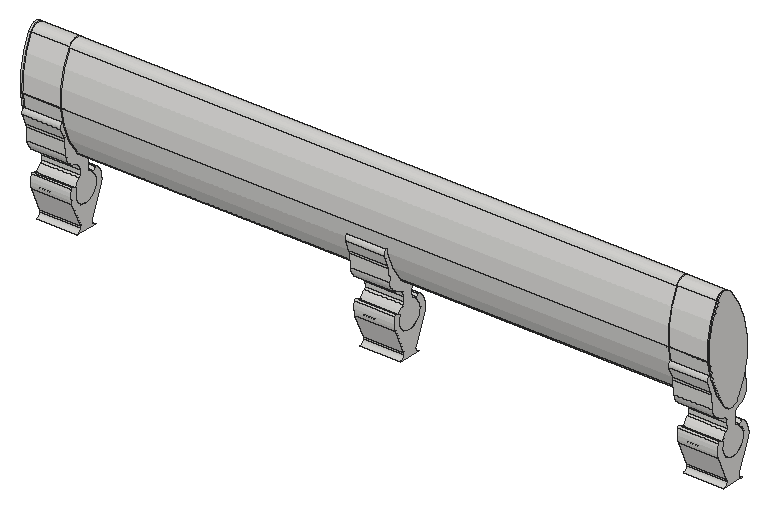
Revit family "Sunshade-Kawneer-Versoleil", category Specialty Equipment, host Face, Revit 2015
Parameters (values of type "6" Blade At 5°")
  Width [instance] = 3' - 0"
  URL = "http://www.kawneer.com/kawneer/north_america/en/home.asp"
  Type Comments = "Sunshade with a Maximum of 32 Brackets and Arms"  # constant formula
  Show Right Bracket [instance] = yes
  Show Left Bracket [instance] = yes
  Product data url = "https://bimobject.com/kawneerna/product/21103"
  Product Page URL = ""
  Product Documentation Link = ""
  OmniClass Title = "Curtain Wall Components"  # constant formula
  OmniClass Number = "23.25.20.14.11.11"  # constant formula
  Manufacturer = "Kawneer "  # constant formula
  Has Same Mullion Distance [instance] = no
  Description = "6\" Blade set at 5 Degrees "
  Default Elevation = 4' - 0"
  Copyright © = "2010 Kawneer "  # constant formula
  Mullion Distance [instance] = 1' - 0"
  CTRL Joint 15 Visibility [instance] = not(CTRL Bracket 30 Distance = 0' 0")  # no
  CTRL Joint 14 Visibility [instance] = not(CTRL Bracket 28 Distance = 0' 0")  # no
  CTRL Joint 13 Visibility [instance] = not(CTRL Bracket 26 Distance = 0' 0")  # no
  CTRL Joint 12 Visibility [instance] = not(CTRL Bracket 24 Distance = 0' 0")  # no
  CTRL Joint 11 Visibility [instance] = not(CTRL Bracket 22 Distance = 0' 0")  # no
  CTRL Joint 10 Visibility [instance] = not(CTRL Bracket 20 Distance = 0' 0")  # no
  CTRL Joint 09 Visibility [instance] = not(CTRL Bracket 18 Distance = 0' 0")  # no
  CTRL Joint 08 Visibility [instance] = not(CTRL Bracket 16 Distance = 0' 0")  # no
  CTRL Joint 07 Visibility [instance] = not(CTRL Bracket 14 Distance = 0' 0")  # no
  CTRL Joint 06 Visibility [instance] = not(CTRL Bracket 12 Distance = 0' 0")  # no
  CTRL Joint 05 Visibility [instance] = not(CTRL Bracket 10 Distance = 0' 0")  # no
  CTRL Joint 04 Visibility [instance] = not(CTRL Bracket 08 Distance = 0' 0")  # no
  CTRL Joint 03 Visibility [instance] = not(CTRL Bracket 06 Distance = 0' 0")  # no
  CTRL Joint 02 Visibility [instance] = not(CTRL Bracket 04 Distance = 0' 0")  # no
  CTRL Joint 01 Visibility [instance] = not(CTRL Bracket 02 Distance = 0' 0")  # no
  CTRL Bracket 31 Distance [instance] = if(Bracket Count < 33, 0' 0", if(Has Same Mullion Distance, Mullion Distance, Bracket 31 Distance))  # 0' - 0"
  CTRL Bracket 30 Distance [instance] = if(Bracket Count < 32, 0' 0", if(Has Same Mullion Distance, Mullion Distance, Bracket 30 Distance))  # 0' - 0"
  CTRL Bracket 29 Distance [instance] = if(Bracket Count < 31, 0' 0", if(Has Same Mullion Distance, Mullion Distance, Bracket 29 Distance))  # 0' - 0"
  CTRL Bracket 28 Distance [instance] = if(Bracket Count < 30, 0' 0", if(Has Same Mullion Distance, Mullion Distance, Bracket 28 Distance))  # 0' - 0"
  CTRL Bracket 27 Distance [instance] = if(Bracket Count < 29, 0' 0", if(Has Same Mullion Distance, Mullion Distance, Bracket 27 Distance))  # 0' - 0"
  CTRL Bracket 26 Distance [instance] = if(Bracket Count < 28, 0' 0", if(Has Same Mullion Distance, Mullion Distance, Bracket 26 Distance))  # 0' - 0"
  CTRL Bracket 25 Distance [instance] = if(Bracket Count < 27, 0' 0", if(Has Same Mullion Distance, Mullion Distance, Bracket 25 Distance))  # 0' - 0"
  CTRL Bracket 24 Distance [instance] = if(Bracket Count < 26, 0' 0", if(Has Same Mullion Distance, Mullion Distance, Bracket 24 Distance))  # 0' - 0"
  CTRL Bracket 23 Distance [instance] = if(Bracket Count < 25, 0' 0", if(Has Same Mullion Distance, Mullion Distance, Bracket 23 Distance))  # 0' - 0"
  CTRL Bracket 22 Distance [instance] = if(Bracket Count < 24, 0' 0", if(Has Same Mullion Distance, Mullion Distance, Bracket 22 Distance))  # 0' - 0"
  CTRL Bracket 21 Distance [instance] = if(Bracket Count < 23, 0' 0", if(Has Same Mullion Distance, Mullion Distance, Bracket 21 Distance))  # 0' - 0"
  CTRL Bracket 20 Distance [instance] = if(Bracket Count < 22, 0' 0", if(Has Same Mullion Distance, Mullion Distance, Bracket 20 Distance))  # 0' - 0"
  CTRL Bracket 19 Distance [instance] = if(Bracket Count < 21, 0' 0", if(Has Same Mullion Distance, Mullion Distance, Bracket 19 Distance))  # 0' - 0"
  CTRL Bracket 18 Distance [instance] = if(Bracket Count < 20, 0' 0", if(Has Same Mullion Distance, Mullion Distance, Bracket 18 Distance))  # 0' - 0"
  CTRL Bracket 17 Distance [instance] = if(Bracket Count < 19, 0' 0", if(Has Same Mullion Distance, Mullion Distance, Bracket 17 Distance))  # 0' - 0"
  CTRL Bracket 16 Distance [instance] = if(Bracket Count < 18, 0' 0", if(Has Same Mullion Distance, Mullion Distance, Bracket 16 Distance))  # 0' - 0"
  CTRL Bracket 15 Distance [instance] = if(Bracket Count < 17, 0' 0", if(Has Same Mullion Distance, Mullion Distance, Bracket 15 Distance))  # 0' - 0"
  CTRL Bracket 14 Distance [instance] = if(Bracket Count < 16, 0' 0", if(Has Same Mullion Distance, Mullion Distance, Bracket 14 Distance))  # 0' - 0"
  CTRL Bracket 13 Distance [instance] = if(Bracket Count < 15, 0' 0", if(Has Same Mullion Distance, Mullion Distance, Bracket 13 Distance))  # 0' - 0"
  CTRL Bracket 12 Distance [instance] = if(Bracket Count < 14, 0' 0", if(Has Same Mullion Distance, Mullion Distance, Bracket 12 Distance))  # 0' - 0"
  CTRL Bracket 11 Distance [instance] = if(Bracket Count < 13, 0' 0", if(Has Same Mullion Distance, Mullion Distance, Bracket 11 Distance))  # 0' - 0"
  CTRL Bracket 10 Distance [instance] = if(Bracket Count < 12, 0' 0", if(Has Same Mullion Distance, Mullion Distance, Bracket 10 Distance))  # 0' - 0"
  CTRL Bracket 09 Distance [instance] = if(Bracket Count < 11, 0' 0", if(Has Same Mullion Distance, Mullion Distance, Bracket 09 Distance))  # 0' - 0"
  CTRL Bracket 08 Distance [instance] = if(Bracket Count < 10, 0' 0", if(Has Same Mullion Distance, Mullion Distance, Bracket 08 Distance))  # 0' - 0"
  CTRL Bracket 07 Distance [instance] = if(Bracket Count < 9, 0' 0", if(Has Same Mullion Distance, Mullion Distance, Bracket 07 Distance))  # 0' - 0"
  CTRL Bracket 06 Distance [instance] = if(Bracket Count < 8, 0' 0", if(Has Same Mullion Distance, Mullion Distance, Bracket 06 Distance))  # 0' - 0"
  CTRL Bracket 05 Distance [instance] = if(Bracket Count < 7, 0' 0", if(Has Same Mullion Distance, Mullion Distance, Bracket 05 Distance))  # 0' - 0"
  CTRL Bracket 04 Distance [instance] = if(Bracket Count < 6, 0' 0", if(Has Same Mullion Distance, Mullion Distance, Bracket 04 Distance))  # 0' - 0"
  CTRL Bracket 03 Distance [instance] = if(Bracket Count < 5, 0' 0", if(Has Same Mullion Distance, Mullion Distance, Bracket 03 Distance))  # 0' - 0"
  CTRL Bracket 02 Distance [instance] = if(Bracket Count < 4, 0' 0", if(Has Same Mullion Distance, Mullion Distance, Bracket 02 Distance))  # 0' - 0"
  CTRL Bracket 01 Distance [instance] = if(Bracket Count < 3, 0' 0", if(Has Same Mullion Distance, Mullion Distance, Bracket 01 Distance))  # 1' - 6"
  CTRL Blade Angle = if(Blade Angle < 3.00°, 0.00°, if(Blade Angle < 8.00°, 5.00°, if(Blade Angle < 13.00°, 10.00°, if(Blade Angle < 18.00°, 15.00°, if(Blade Angle < 23.00°, 20.00°, if(Blade Angle < 28.00°, 25.00°, if(Blade Angle < 33.00°, 30.00°, 35.00°)))))))  # 5.00°
  Bracket Material = Anodize - Kawneer - 14 - Clear(Class I)
  Bracket Count [instance] = (Width / Mullion Distance) + 1  # 4
  Bracket 31 Distance [instance] = 0' - 0"
  Bracket 30 Distance [instance] = 0' - 0"
  Bracket 29 Distance [instance] = 0' - 0"
  Bracket 28 Distance [instance] = 0' - 0"
  Bracket 27 Distance [instance] = 0' - 0"
  Bracket 26 Distance [instance] = 0' - 0"
  Bracket 25 Distance [instance] = 0' - 0"
  Bracket 24 Distance [instance] = 0' - 0"
  Bracket 23 Distance [instance] = 0' - 0"
  Bracket 22 Distance [instance] = 0' - 0"
  Bracket 21 Distance [instance] = 0' - 0"
  Bracket 20 Distance [instance] = 0' - 0"
  Bracket 19 Distance [instance] = 0' - 0"
  Bracket 18 Distance [instance] = 0' - 0"
  Bracket 17 Distance [instance] = 0' - 0"
  Bracket 16 Distance [instance] = 0' - 0"
  Bracket 15 Distance [instance] = 0' - 0"
  Bracket 14 Distance [instance] = 0' - 0"
  Bracket 13 Distance [instance] = 0' - 0"
  Bracket 12 Distance [instance] = 0' - 0"
  Bracket 11 Distance [instance] = 0' - 0"
  Bracket 10 Distance [instance] = 0' - 0"
  Bracket 09 Distance [instance] = 0' - 0"
  Bracket 08 Distance [instance] = 0' - 0"
  Bracket 07 Distance [instance] = 0' - 0"
  Bracket 06 Distance [instance] = 0' - 0"
  Bracket 05 Distance [instance] = 0' - 0"
  Bracket 04 Distance [instance] = 0' - 0"
  Bracket 03 Distance [instance] = 0' - 0"
  Bracket 02 Distance [instance] = 0' - 0"
  Bracket 01 Distance [instance] = 1' - 6"
  Blade Width [instance] = if(1 = 1, Width + (0' 1 3/16" * 2), 1' 0")  # 3' - 2 3/8"
  Blade Material = Anodize - Kawneer - 14 - Clear(Class I)
  Blade Depth = 0' - 6"
  Blade Angle = 5.00°
Reference planes (in)
  plane 1 "Center (Front/Back)": y = 0
  plane 2: z = 0
  plane 3 "Center (Left/Right)": x = 3.30772
  plane 4 "Bracket Bottom": z = 0
  plane 5 "Arm_Center-(T/B)": z = 2.07581
  plane 6 "Left": x = -15.88041
  plane 7 "Right": x = 22.49584
  plane 8 "Bracket_Center-(L/R)-Left": x = -14.69228
  plane 9 "Bracket_Center-(L/R)-Right": x = 21.30772
  plane 10 "Bracket Set 1": x = 3.30772
  plane 11 "Bracket Set 20": x = 3.30772
  plane 12 "Bracket Set 2": x = 3.30772
  plane 13 "Bracket Set 3": x = 3.30772
  plane 14 "Bracket Set 4": x = 3.30772
  plane 15 "Bracket Set 5": x = 3.30772
  plane 16 "Bracket Set 6": x = 3.30772
  plane 17 "Bracket Set 7": x = 3.30772
  plane 18 "Bracket Set 8": x = 3.30772
  plane 19 "Bracket Set 9": x = 3.30772
  plane 20 "Bracket Set 10": x = 3.30772
  plane 21 "Bracket Set 11": x = 3.30772
  plane 22 "Bracket Set 12": x = 3.30772
  plane 23 "Bracket Set 13": x = 3.30772
  plane 24 "Bracket Set 14": x = 3.30772
  plane 25 "Bracket Set 15": x = 3.30772
  plane 26 "Bracket Set 16": x = 3.30772
  plane 27 "Bracket Set 17": x = 3.30772
  plane 28 "Bracket Set 18": x = 3.30772
  plane 29 "Bracket Set 19": x = 3.30772
  plane 30 "Bracket Set 21": x = 3.30772
  plane 31 "Bracket Set 22": x = 3.30772
  plane 32 "Bracket Set 23": x = 3.30772
  plane 33 "Bracket Set 24": x = 3.30772
  plane 34 "Bracket Set 25": x = 3.30772
  plane 35 "Bracket Set 26": x = 3.30772
  plane 36 "Bracket Set 27": x = 3.30772
  plane 37 "Bracket Set 28": x = 3.30772
  plane 38 "Bracket Set 29": x = 3.30772
  plane 39 "Bracket Set 30": x = 3.30772
  plane 40 "Bracket Set 31": x = 3.30772
Dimensions and locks (in)
  locked: plane 5 "Arm_Center-(T/B)" to plane 4 "Bracket Bottom" at 2.07581
  locked: plane 6 "Left" to plane 8 "Bracket_Center-(L/R)-Left" at 1.18813
  locked: plane 9 "Bracket_Center-(L/R)-Right" to plane 7 "Right" at 1.18813
  locked: plane 4 "Bracket Bottom" to plane 2 at 0
  equal spacing: plane 8 "Bracket_Center-(L/R)-Left", plane 3 "Center (Left/Right)", plane 9 "Bracket_Center-(L/R)-Right"
  "Width": plane 8 "Bracket_Center-(L/R)-Left" to plane 9 "Bracket_Center-(L/R)-Right"
  "CTRL Bracket 01 Distance": plane 8 "Bracket_Center-(L/R)-Left" to plane 10 "Bracket Set 1"
  "CTRL Bracket 02 Distance": plane 10 "Bracket Set 1" to plane 12 "Bracket Set 2"
  "CTRL Bracket 03 Distance": plane 12 "Bracket Set 2" to plane 13 "Bracket Set 3"
  "CTRL Bracket 04 Distance": plane 13 "Bracket Set 3" to plane 14 "Bracket Set 4"
  "CTRL Bracket 05 Distance": plane 14 "Bracket Set 4" to plane 15 "Bracket Set 5"
  "CTRL Bracket 06 Distance": plane 15 "Bracket Set 5" to plane 16 "Bracket Set 6"
  "CTRL Bracket 07 Distance": plane 16 "Bracket Set 6" to plane 17 "Bracket Set 7"
  "CTRL Bracket 08 Distance": plane 17 "Bracket Set 7" to plane 18 "Bracket Set 8"
  "CTRL Bracket 09 Distance": plane 18 "Bracket Set 8" to plane 19 "Bracket Set 9"
  "CTRL Bracket 10 Distance": plane 19 "Bracket Set 9" to plane 20 "Bracket Set 10"
  "CTRL Bracket 11 Distance": plane 20 "Bracket Set 10" to plane 21 "Bracket Set 11"
  "CTRL Bracket 12 Distance": plane 21 "Bracket Set 11" to plane 22 "Bracket Set 12"
  "CTRL Bracket 13 Distance": plane 22 "Bracket Set 12" to plane 23 "Bracket Set 13"
  "CTRL Bracket 14 Distance": plane 23 "Bracket Set 13" to plane 24 "Bracket Set 14"
  "CTRL Bracket 15 Distance": plane 24 "Bracket Set 14" to plane 25 "Bracket Set 15"
  "CTRL Bracket 16 Distance": plane 25 "Bracket Set 15" to plane 26 "Bracket Set 16"
  "CTRL Bracket 17 Distance": plane 26 "Bracket Set 16" to plane 27 "Bracket Set 17"
  "CTRL Bracket 18 Distance": plane 27 "Bracket Set 17" to plane 28 "Bracket Set 18"
  "CTRL Bracket 19 Distance": plane 28 "Bracket Set 18" to plane 29 "Bracket Set 19"
  "CTRL Bracket 20 Distance": plane 29 "Bracket Set 19" to plane 11 "Bracket Set 20"
  "CTRL Bracket 21 Distance": plane 11 "Bracket Set 20" to plane 30 "Bracket Set 21"
  "CTRL Bracket 22 Distance": plane 30 "Bracket Set 21" to plane 31 "Bracket Set 22"
  "CTRL Bracket 23 Distance": plane 31 "Bracket Set 22" to plane 32 "Bracket Set 23"
  "CTRL Bracket 24 Distance": plane 32 "Bracket Set 23" to plane 33 "Bracket Set 24"
  "CTRL Bracket 25 Distance": plane 33 "Bracket Set 24" to plane 34 "Bracket Set 25"
  "CTRL Bracket 26 Distance": plane 34 "Bracket Set 25" to plane 35 "Bracket Set 26"
  "CTRL Bracket 27 Distance": plane 35 "Bracket Set 26" to plane 36 "Bracket Set 27"
  "CTRL Bracket 28 Distance": plane 36 "Bracket Set 27" to plane 37 "Bracket Set 28"
  "CTRL Bracket 29 Distance": plane 37 "Bracket Set 28" to plane 38 "Bracket Set 29"
  "CTRL Bracket 30 Distance": plane 38 "Bracket Set 29" to plane 39 "Bracket Set 30"
  "CTRL Bracket 31 Distance": plane 39 "Bracket Set 30" to plane 40 "Bracket Set 31"
  angle plane 1 "Center (Front/Back)" to nested 1 = 0.00°
  aligned and locked: plane 2 to host face
  aligned and locked: level to host face
  aligned and locked: plane 4 "Bracket Bottom" to nested 3
  aligned and locked: plane 1 "Center (Front/Back)" to nested 3
  aligned and locked: plane 5 "Arm_Center-(T/B)" to nested 1
  aligned and locked: plane 5 "Arm_Center-(T/B)" to nested 2
  aligned and locked: plane 1 "Center (Front/Back)" to nested 2
  aligned and locked: nested 2 to plane 8 "Bracket_Center-(L/R)-Left"
  aligned and locked: nested 3 to plane 8 "Bracket_Center-(L/R)-Left"
  aligned and locked: plane 9 "Bracket_Center-(L/R)-Right" to nested 4
  aligned and locked: plane 1 "Center (Front/Back)" to nested 4
  aligned and locked: plane 1 "Center (Front/Back)" to nested 5
  aligned and locked: plane 9 "Bracket_Center-(L/R)-Right" to nested 5
  aligned and locked: plane 4 "Bracket Bottom" to nested 4
  aligned and locked: plane 5 "Arm_Center-(T/B)" to nested 5
  aligned and locked: nested 8 to plane 10 "Bracket Set 1"
  aligned and locked: nested 9 to plane 10 "Bracket Set 1"
  aligned and locked: nested 10 to plane 12 "Bracket Set 2"
  aligned and locked: nested 11 to plane 12 "Bracket Set 2"
  aligned and locked: nested 12 to plane 13 "Bracket Set 3"
  aligned and locked: nested 13 to plane 13 "Bracket Set 3"
  aligned and locked: nested 14 to plane 14 "Bracket Set 4"
  aligned and locked: nested 15 to plane 14 "Bracket Set 4"
  aligned and locked: nested 16 to plane 15 "Bracket Set 5"
  aligned and locked: nested 17 to plane 15 "Bracket Set 5"
  aligned and locked: nested 18 to plane 16 "Bracket Set 6"
  aligned and locked: nested 19 to plane 16 "Bracket Set 6"
  aligned and locked: nested 20 to plane 17 "Bracket Set 7"
  aligned and locked: nested 21 to plane 17 "Bracket Set 7"
  aligned and locked: nested 22 to plane 18 "Bracket Set 8"
  aligned and locked: nested 23 to plane 18 "Bracket Set 8"
  aligned and locked: nested 24 to plane 19 "Bracket Set 9"
  aligned and locked: nested 25 to plane 19 "Bracket Set 9"
  aligned and locked: nested 26 to plane 20 "Bracket Set 10"
  aligned and locked: nested 27 to plane 20 "Bracket Set 10"
  aligned and locked: nested 28 to plane 21 "Bracket Set 11"
  aligned and locked: nested 29 to plane 21 "Bracket Set 11"
  aligned and locked: nested 30 to plane 22 "Bracket Set 12"
  aligned and locked: nested 31 to plane 22 "Bracket Set 12"
  aligned and locked: nested 32 to plane 23 "Bracket Set 13"
  aligned and locked: nested 33 to plane 23 "Bracket Set 13"
  aligned and locked: nested 34 to plane 24 "Bracket Set 14"
  aligned and locked: nested 35 to plane 24 "Bracket Set 14"
  aligned and locked: nested 36 to plane 25 "Bracket Set 15"
  aligned and locked: nested 37 to plane 25 "Bracket Set 15"
  aligned and locked: nested 38 to plane 26 "Bracket Set 16"
  aligned and locked: nested 39 to plane 26 "Bracket Set 16"
  aligned and locked: nested 40 to plane 27 "Bracket Set 17"
  aligned and locked: nested 41 to plane 27 "Bracket Set 17"
  aligned and locked: nested 42 to plane 28 "Bracket Set 18"
  aligned and locked: nested 43 to plane 28 "Bracket Set 18"
  aligned and locked: nested 44 to plane 29 "Bracket Set 19"
  aligned and locked: nested 45 to plane 29 "Bracket Set 19"
  aligned and locked: nested 46 to plane 11 "Bracket Set 20"
  aligned and locked: nested 47 to plane 11 "Bracket Set 20"
  aligned and locked: plane 4 "Bracket Bottom" to nested 9
  aligned and locked: plane 4 "Bracket Bottom" to nested 11
  aligned and locked: plane 4 "Bracket Bottom" to nested 13
  aligned and locked: plane 4 "Bracket Bottom" to nested 15
  aligned and locked: plane 4 "Bracket Bottom" to nested 17
  aligned and locked: plane 4 "Bracket Bottom" to nested 19
  aligned and locked: plane 4 "Bracket Bottom" to nested 21
  aligned and locked: plane 4 "Bracket Bottom" to nested 23
  aligned and locked: plane 4 "Bracket Bottom" to nested 25
  aligned and locked: plane 4 "Bracket Bottom" to nested 27
  aligned and locked: plane 4 "Bracket Bottom" to nested 29
  aligned and locked: plane 4 "Bracket Bottom" to nested 31
  aligned and locked: plane 4 "Bracket Bottom" to nested 33
  aligned and locked: plane 4 "Bracket Bottom" to nested 35
  aligned and locked: plane 4 "Bracket Bottom" to nested 37
  aligned and locked: plane 4 "Bracket Bottom" to nested 39
  aligned and locked: plane 4 "Bracket Bottom" to nested 41
  aligned and locked: plane 4 "Bracket Bottom" to nested 43
  aligned and locked: plane 4 "Bracket Bottom" to nested 45
  aligned and locked: plane 4 "Bracket Bottom" to nested 47
  aligned and locked: plane 1 "Center (Front/Back)" to nested 8
  aligned and locked: plane 1 "Center (Front/Back)" to nested 10
  aligned and locked: plane 1 "Center (Front/Back)" to nested 12
  aligned and locked: plane 1 "Center (Front/Back)" to nested 14
  aligned and locked: plane 1 "Center (Front/Back)" to nested 16
  aligned and locked: plane 1 "Center (Front/Back)" to nested 18
  aligned and locked: plane 1 "Center (Front/Back)" to nested 20
  aligned and locked: plane 1 "Center (Front/Back)" to nested 22
  aligned and locked: plane 1 "Center (Front/Back)" to nested 24
  aligned and locked: plane 1 "Center (Front/Back)" to nested 26
  aligned and locked: plane 1 "Center (Front/Back)" to nested 28
  aligned and locked: plane 1 "Center (Front/Back)" to nested 30
  aligned and locked: plane 1 "Center (Front/Back)" to nested 32
  aligned and locked: plane 1 "Center (Front/Back)" to nested 34
  aligned and locked: plane 1 "Center (Front/Back)" to nested 36
  aligned and locked: plane 1 "Center (Front/Back)" to nested 38
  aligned and locked: plane 1 "Center (Front/Back)" to nested 40
  aligned and locked: plane 1 "Center (Front/Back)" to nested 42
  aligned and locked: plane 1 "Center (Front/Back)" to nested 44
  aligned and locked: plane 1 "Center (Front/Back)" to nested 46
  aligned and locked: nested 48 to plane 30 "Bracket Set 21"
  aligned and locked: nested 49 to plane 30 "Bracket Set 21"
  aligned and locked: nested 50 to plane 31 "Bracket Set 22"
  aligned and locked: nested 51 to plane 31 "Bracket Set 22"
  aligned and locked: nested 52 to plane 32 "Bracket Set 23"
  aligned and locked: nested 53 to plane 32 "Bracket Set 23"
  aligned and locked: nested 54 to plane 33 "Bracket Set 24"
  aligned and locked: nested 55 to plane 33 "Bracket Set 24"
  aligned and locked: nested 56 to plane 34 "Bracket Set 25"
  aligned and locked: nested 57 to plane 34 "Bracket Set 25"
  aligned and locked: nested 58 to plane 35 "Bracket Set 26"
  aligned and locked: nested 59 to plane 35 "Bracket Set 26"
  aligned and locked: nested 60 to plane 36 "Bracket Set 27"
  aligned and locked: nested 61 to plane 36 "Bracket Set 27"
  aligned and locked: nested 62 to plane 37 "Bracket Set 28"
  aligned and locked: nested 63 to plane 37 "Bracket Set 28"
  aligned and locked: nested 64 to plane 38 "Bracket Set 29"
  aligned and locked: nested 65 to plane 38 "Bracket Set 29"
  aligned and locked: nested 66 to plane 39 "Bracket Set 30"
  aligned and locked: nested 67 to plane 39 "Bracket Set 30"
  aligned and locked: plane 1 "Center (Front/Back)" to nested 66
  aligned and locked: plane 1 "Center (Front/Back)" to nested 67
  aligned and locked: plane 1 "Center (Front/Back)" to nested 64
  aligned and locked: plane 1 "Center (Front/Back)" to nested 65
  aligned and locked: plane 1 "Center (Front/Back)" to nested 62
  aligned and locked: plane 1 "Center (Front/Back)" to nested 63
  aligned and locked: plane 1 "Center (Front/Back)" to nested 60
  aligned and locked: plane 1 "Center (Front/Back)" to nested 61
  aligned and locked: plane 1 "Center (Front/Back)" to nested 58
  aligned and locked: plane 1 "Center (Front/Back)" to nested 59
  aligned and locked: plane 1 "Center (Front/Back)" to nested 56
  aligned and locked: plane 1 "Center (Front/Back)" to nested 57
  aligned and locked: plane 1 "Center (Front/Back)" to nested 54
  aligned and locked: plane 1 "Center (Front/Back)" to nested 55
  aligned and locked: plane 1 "Center (Front/Back)" to nested 52
  aligned and locked: plane 1 "Center (Front/Back)" to nested 53
  aligned and locked: plane 1 "Center (Front/Back)" to nested 50
  aligned and locked: plane 1 "Center (Front/Back)" to nested 51
  aligned and locked: plane 1 "Center (Front/Back)" to nested 48
  aligned and locked: plane 1 "Center (Front/Back)" to nested 49
  aligned and locked: plane 1 "Center (Front/Back)" to nested 47
  aligned and locked: plane 1 "Center (Front/Back)" to nested 45
  aligned and locked: plane 1 "Center (Front/Back)" to nested 43
  aligned and locked: plane 1 "Center (Front/Back)" to nested 41
  aligned and locked: plane 1 "Center (Front/Back)" to nested 39
  aligned and locked: plane 1 "Center (Front/Back)" to nested 37
  aligned and locked: plane 1 "Center (Front/Back)" to nested 35
  aligned and locked: plane 1 "Center (Front/Back)" to nested 33
  aligned and locked: plane 1 "Center (Front/Back)" to nested 31
  aligned and locked: plane 5 "Arm_Center-(T/B)" to nested 48
  aligned and locked: plane 5 "Arm_Center-(T/B)" to nested 50
  aligned and locked: plane 5 "Arm_Center-(T/B)" to nested 52
  aligned and locked: plane 5 "Arm_Center-(T/B)" to nested 54
  aligned and locked: plane 5 "Arm_Center-(T/B)" to nested 56
  aligned and locked: plane 5 "Arm_Center-(T/B)" to nested 58
  aligned and locked: plane 5 "Arm_Center-(T/B)" to nested 60
  aligned and locked: plane 5 "Arm_Center-(T/B)" to nested 62
  aligned and locked: plane 5 "Arm_Center-(T/B)" to nested 64
  aligned and locked: plane 5 "Arm_Center-(T/B)" to nested 66
  aligned and locked: plane 3 "Center (Left/Right)" to nested 1
  aligned and locked: plane 1 "Center (Front/Back)" to nested 1
  aligned and locked: nested 68 to plane 12 "Bracket Set 2"  (x2)
  aligned and locked: plane 5 "Arm_Center-(T/B)" to nested 68
  aligned and locked: nested 69 to plane 14 "Bracket Set 4"
  aligned and locked: nested 70 to plane 16 "Bracket Set 6"
  aligned and locked: nested 71 to plane 18 "Bracket Set 8"
  aligned and locked: nested 72 to plane 20 "Bracket Set 10"
  aligned and locked: nested 73 to plane 22 "Bracket Set 12"
  aligned and locked: nested 74 to plane 24 "Bracket Set 14"
  aligned and locked: nested 75 to plane 26 "Bracket Set 16"
  aligned and locked: nested 76 to plane 28 "Bracket Set 18"
  aligned and locked: nested 77 to plane 11 "Bracket Set 20"
  aligned and locked: nested 78 to plane 31 "Bracket Set 22"
  aligned and locked: nested 79 to plane 33 "Bracket Set 24"
  aligned and locked: nested 80 to plane 35 "Bracket Set 26"
  aligned and locked: nested 81 to plane 37 "Bracket Set 28"
  aligned and locked: plane 5 "Arm_Center-(T/B)" to nested 69
  aligned and locked: plane 5 "Arm_Center-(T/B)" to nested 70
  aligned and locked: plane 5 "Arm_Center-(T/B)" to nested 71
  aligned and locked: plane 5 "Arm_Center-(T/B)" to nested 72
  aligned and locked: plane 5 "Arm_Center-(T/B)" to nested 73
  aligned and locked: plane 5 "Arm_Center-(T/B)" to nested 74
  aligned and locked: plane 5 "Arm_Center-(T/B)" to nested 75
  aligned and locked: plane 5 "Arm_Center-(T/B)" to nested 76
  aligned and locked: plane 5 "Arm_Center-(T/B)" to nested 77
  aligned and locked: plane 5 "Arm_Center-(T/B)" to nested 78
  aligned and locked: plane 5 "Arm_Center-(T/B)" to nested 79
  aligned and locked: plane 5 "Arm_Center-(T/B)" to nested 80
  aligned and locked: plane 5 "Arm_Center-(T/B)" to nested 81
  aligned and locked: plane 1 "Center (Front/Back)" to nested 68
  aligned and locked: plane 1 "Center (Front/Back)" to nested 69
  aligned and locked: plane 1 "Center (Front/Back)" to nested 70
  aligned and locked: plane 1 "Center (Front/Back)" to nested 71
  aligned and locked: plane 1 "Center (Front/Back)" to nested 72
  aligned and locked: plane 1 "Center (Front/Back)" to nested 73
  aligned and locked: plane 1 "Center (Front/Back)" to nested 74
  aligned and locked: plane 1 "Center (Front/Back)" to nested 75
  aligned and locked: plane 1 "Center (Front/Back)" to nested 76
  aligned and locked: plane 1 "Center (Front/Back)" to nested 77
  aligned and locked: plane 1 "Center (Front/Back)" to nested 78
  aligned and locked: plane 1 "Center (Front/Back)" to nested 79
  aligned and locked: plane 1 "Center (Front/Back)" to nested 80
  aligned and locked: plane 1 "Center (Front/Back)" to nested 81
  aligned and locked: plane 40 "Bracket Set 31" to nested 82
  aligned and locked: plane 5 "Arm_Center-(T/B)" to nested 82
  aligned and locked: plane 1 "Center (Front/Back)" to nested 82
  aligned and locked: nested 84 to plane 39 "Bracket Set 30"
  aligned and locked: plane 1 "Center (Front/Back)" to nested 84
  aligned and locked: plane 5 "Arm_Center-(T/B)" to nested 84
Automatic sketch dimensions
  host sketch curve to host sketch curve = 8' - 0"  (x2)
Nested families (in)
  nested 1: "Blade-Kawneer-Oval" at (3.46493, 0, 2.07581), type "Adjustable"
    with Width 3' - 2 3/8", CTRL Front Offset 0' - 1 11/16", Angle 5.00°
  nested 2: "Mounting_Arm-Kawneer-Metal" at (-14.53507, 0, 2.07581), visible <- "Show Left Bracket", type "Single"
  nested 3: "Mounting_Bracket-Kawneer-Metal" at (-14.53507, 0, 0), visible <- "Show Left Bracket", type "Single"
  nested 4: "Mounting_Bracket-Kawneer-Metal" at (21.46493, 0, 0), visible <- "Show Right Bracket", type "Single"
  nested 5: "Mounting_Arm-Kawneer-Metal" at (21.46493, 0, 2.07581), visible <- "Show Right Bracket", type "Single"
  nested 6: "Mounting_Bracket-Kawneer-Metal" at (-25.89835, 0, 0), type "Single", not visible
  nested 7: "Mounting_Arm-Kawneer-Metal" at (-25.89835, 0, 2.07581), type "Single", not visible
  nested 8: "Mounting_Arm-Kawneer-Metal" at (3.46493, 0, 2.07581), type "Single"
  nested 9: "Mounting_Bracket-Kawneer-Metal" at (3.46493, 0, 0), type "Single"
  nested 10: "Mounting_Arm-Kawneer-Metal" at (3.46493, 0, 2.07581), type "Single"
  nested 11: "Mounting_Bracket-Kawneer-Metal" at (3.46493, 0, 0), type "Single"
  nested 12: "Mounting_Arm-Kawneer-Metal" at (3.46493, 0, 2.07581), type "Single"
  nested 13: "Mounting_Bracket-Kawneer-Metal" at (3.46493, 0, 0), type "Single"
  nested 14: "Mounting_Arm-Kawneer-Metal" at (3.46493, 0, 2.07581), type "Single"
  nested 15: "Mounting_Bracket-Kawneer-Metal" at (3.46493, 0, 0), type "Single"
  nested 16: "Mounting_Arm-Kawneer-Metal" at (3.46493, 0, 2.07581), type "Single"
  nested 17: "Mounting_Bracket-Kawneer-Metal" at (3.46493, 0, 0), type "Single"
  nested 18: "Mounting_Arm-Kawneer-Metal" at (3.46493, 0, 2.07581), type "Single"
  nested 19: "Mounting_Bracket-Kawneer-Metal" at (3.46493, 0, 0), type "Single"
  nested 20: "Mounting_Arm-Kawneer-Metal" at (3.46493, 0, 2.07581), type "Single"
  nested 21: "Mounting_Bracket-Kawneer-Metal" at (3.46493, 0, 0), type "Single"
  nested 22: "Mounting_Arm-Kawneer-Metal" at (3.46493, 0, 2.07581), type "Single"
  nested 23: "Mounting_Bracket-Kawneer-Metal" at (3.46493, 0, 0), type "Single"
  nested 24: "Mounting_Arm-Kawneer-Metal" at (3.46493, 0, 2.07581), type "Single"
  nested 25: "Mounting_Bracket-Kawneer-Metal" at (3.46493, 0, 0), type "Single"
  nested 26: "Mounting_Arm-Kawneer-Metal" at (3.46493, 0, 2.07581), type "Single"
  nested 27: "Mounting_Bracket-Kawneer-Metal" at (3.46493, 0, 0), type "Single"
  nested 28: "Mounting_Arm-Kawneer-Metal" at (3.46493, 0, 2.07581), type "Single"
  nested 29: "Mounting_Bracket-Kawneer-Metal" at (3.46493, 0, 0), type "Single"
  nested 30: "Mounting_Arm-Kawneer-Metal" at (3.46493, 0, 2.07581), type "Single"
  nested 31: "Mounting_Bracket-Kawneer-Metal" at (3.46493, 0, 0), type "Single"
  nested 32: "Mounting_Arm-Kawneer-Metal" at (3.46493, 0, 2.07581), type "Single"
  nested 33: "Mounting_Bracket-Kawneer-Metal" at (3.46493, 0, 0), type "Single"
  nested 34: "Mounting_Arm-Kawneer-Metal" at (3.46493, 0, 2.07581), type "Single"
  nested 35: "Mounting_Bracket-Kawneer-Metal" at (3.46493, 0, 0), type "Single"
  nested 36: "Mounting_Arm-Kawneer-Metal" at (3.46493, 0, 2.07581), type "Single"
  nested 37: "Mounting_Bracket-Kawneer-Metal" at (3.46493, 0, 0), type "Single"
  nested 38: "Mounting_Arm-Kawneer-Metal" at (3.46493, 0, 2.07581), type "Single"
  nested 39: "Mounting_Bracket-Kawneer-Metal" at (3.46493, 0, 0), type "Single"
  nested 40: "Mounting_Arm-Kawneer-Metal" at (3.46493, 0, 2.07581), type "Single"
  nested 41: "Mounting_Bracket-Kawneer-Metal" at (3.46493, 0, 0), type "Single"
  nested 42: "Mounting_Arm-Kawneer-Metal" at (3.46493, 0, 2.07581), type "Single"
  nested 43: "Mounting_Bracket-Kawneer-Metal" at (3.46493, 0, 0), type "Single"
  nested 44: "Mounting_Arm-Kawneer-Metal" at (3.46493, 0, 2.07581), type "Single"
  nested 45: "Mounting_Bracket-Kawneer-Metal" at (3.46493, 0, 0), type "Single"
  nested 46: "Mounting_Arm-Kawneer-Metal" at (3.46493, 0, 2.07581), type "Single"
  nested 47: "Mounting_Bracket-Kawneer-Metal" at (3.46493, 0, 0), type "Single"
  nested 48: "Mounting_Arm-Kawneer-Metal" at (3.46493, 0, 2.07581), type "Single"
  nested 49: "Mounting_Bracket-Kawneer-Metal" at (3.46493, 0, 0), type "Single"
  nested 50: "Mounting_Arm-Kawneer-Metal" at (3.46493, 0, 2.07581), type "Single"
  nested 51: "Mounting_Bracket-Kawneer-Metal" at (3.46493, 0, 0), type "Single"
  nested 52: "Mounting_Arm-Kawneer-Metal" at (3.46493, 0, 2.07581), type "Single"
  nested 53: "Mounting_Bracket-Kawneer-Metal" at (3.46493, 0, 0), type "Single"
  nested 54: "Mounting_Arm-Kawneer-Metal" at (3.46493, 0, 2.07581), type "Single"
  nested 55: "Mounting_Bracket-Kawneer-Metal" at (3.46493, 0, 0), type "Single"
  nested 56: "Mounting_Arm-Kawneer-Metal" at (3.46493, 0, 2.07581), type "Single"
  nested 57: "Mounting_Bracket-Kawneer-Metal" at (3.46493, 0, 0), type "Single"
  nested 58: "Mounting_Arm-Kawneer-Metal" at (3.46493, 0, 2.07581), type "Single"
  nested 59: "Mounting_Bracket-Kawneer-Metal" at (3.46493, 0, 0), type "Single"
  nested 60: "Mounting_Arm-Kawneer-Metal" at (3.46493, 0, 2.07581), type "Single"
  nested 61: "Mounting_Bracket-Kawneer-Metal" at (3.46493, 0, 0), type "Single"
  nested 62: "Mounting_Arm-Kawneer-Metal" at (3.46493, 0, 2.07581), type "Single"
  nested 63: "Mounting_Bracket-Kawneer-Metal" at (3.46493, 0, 0), type "Single"
  nested 64: "Mounting_Arm-Kawneer-Metal" at (3.46493, 0, 2.07581), type "Single"
  nested 65: "Mounting_Bracket-Kawneer-Metal" at (3.46493, 0, 0), type "Single"
  nested 66: "Mounting_Arm-Kawneer-Metal" at (3.46493, 0, 2.07581), type "Single"
  nested 67: "Mounting_Bracket-Kawneer-Metal" at (3.46493, 0, 0), type "Single"
  nested 68: "Blade-Kawneer-Joint-Oval" at (3.46493, 0, 2.07581), visible <- "CTRL Joint 01 Visibility", type "Adjustable"
    with CTRL Front Offset 0' - 1 11/16", Angle 5.00°
  nested 69: "Blade-Kawneer-Joint-Oval" at (3.46493, 0, 2.07581), visible <- "CTRL Joint 02 Visibility", type "Adjustable"
    with CTRL Front Offset 0' - 1 11/16", Angle 5.00°
  nested 70: "Blade-Kawneer-Joint-Oval" at (3.46493, 0, 2.07581), visible <- "CTRL Joint 03 Visibility", type "Adjustable"
    with CTRL Front Offset 0' - 1 11/16", Angle 5.00°
  nested 71: "Blade-Kawneer-Joint-Oval" at (3.46493, 0, 2.07581), visible <- "CTRL Joint 04 Visibility", type "Adjustable"
    with CTRL Front Offset 0' - 1 11/16", Angle 5.00°
  nested 72: "Blade-Kawneer-Joint-Oval" at (3.46493, 0, 2.07581), visible <- "CTRL Joint 05 Visibility", type "Adjustable"
    with CTRL Front Offset 0' - 1 11/16", Angle 5.00°
  nested 73: "Blade-Kawneer-Joint-Oval" at (3.46493, 0, 2.07581), visible <- "CTRL Joint 06 Visibility", type "Adjustable"
    with CTRL Front Offset 0' - 1 11/16", Angle 5.00°
  nested 74: "Blade-Kawneer-Joint-Oval" at (3.46493, 0, 2.07581), visible <- "CTRL Joint 07 Visibility", type "Adjustable"
    with CTRL Front Offset 0' - 1 11/16", Angle 5.00°
  nested 75: "Blade-Kawneer-Joint-Oval" at (3.46493, 0, 2.07581), visible <- "CTRL Joint 08 Visibility", type "Adjustable"
    with CTRL Front Offset 0' - 1 11/16", Angle 5.00°
  nested 76: "Blade-Kawneer-Joint-Oval" at (3.46493, 0, 2.07581), visible <- "CTRL Joint 09 Visibility", type "Adjustable"
    with CTRL Front Offset 0' - 1 11/16", Angle 5.00°
  nested 77: "Blade-Kawneer-Joint-Oval" at (3.46493, 0, 2.07581), visible <- "CTRL Joint 10 Visibility", type "Adjustable"
    with CTRL Front Offset 0' - 1 11/16", Angle 5.00°
  nested 78: "Blade-Kawneer-Joint-Oval" at (3.46493, 0, 2.07581), visible <- "CTRL Joint 11 Visibility", type "Adjustable"
    with CTRL Front Offset 0' - 1 11/16", Angle 5.00°
  nested 79: "Blade-Kawneer-Joint-Oval" at (3.46493, 0, 2.07581), visible <- "CTRL Joint 12 Visibility", type "Adjustable"
    with CTRL Front Offset 0' - 1 11/16", Angle 5.00°
  nested 80: "Blade-Kawneer-Joint-Oval" at (3.46493, 0, 2.07581), visible <- "CTRL Joint 13 Visibility", type "Adjustable"
    with CTRL Front Offset 0' - 1 11/16", Angle 5.00°
  nested 81: "Blade-Kawneer-Joint-Oval" at (3.46493, 0, 2.07581), visible <- "CTRL Joint 14 Visibility", type "Adjustable"
    with CTRL Front Offset 0' - 1 11/16", Angle 5.00°
  nested 82: "Mounting_Arm-Kawneer-Metal" at (3.46493, 0, 2.07581), type "Single"
  nested 83: "Mounting_Bracket-Kawneer-Metal" at (3.46493, 0, 0), type "Single"
  nested 84: "Blade-Kawneer-Joint-Oval" at (3.46493, 0, 2.07581), visible <- "CTRL Joint 15 Visibility", type "Adjustable"
    with CTRL Front Offset 0' - 1 11/16", Angle 5.00°
Definition of nested family "Blade-Kawneer-Oval"
  Parameters
    Width = 1' - 0"
    URL = "http://www.kawneer.com/kawneer/north_america/en/home.asp"
    Product Page URL = ""
    Product Documentation Link = ""
    OmniClass Title = "Curtain Wall Components"  # constant formula
    OmniClass Number = "23.25.20.14.11.11"  # constant formula
    Material = none
    Manufacturer = "Kawneer"  # constant formula
    Description = "Single Adjustable Blade"
    Depth = 0' - 6"
    Copyright © = "2010 Kawneer"  # constant formula
    CTRL Middle Height = Depth / 2  # 0' - 3"
    CTRL Front Offset = if(Angle < 3.00°, 0' 1 1/2", if(Angle < 8.00°, 0' 1 11/16", if(Angle < 13.00°, 0' 2 3/16", if(Angle < 18.00°, 0' 2 11/16", if(Angle < 23.00°, 0' 3 1/8", if(Angle < 28.00°, 0' 3 5/8", if(Angle < 33.00°, 0' 4 1/8", 0' 4 5/8")))))))  # 0' - 1 1/2"
    Assembly Code = "B2020"
    Angle = 0.00°
  Reference planes (in)
    plane 1 "Center (Front/Back)": y = 0
    plane 2 "Bottom": z = 0
    plane 3 "Center (Left/Right)": x = -0.15722
    plane 4 "Left": x = -6.15722
    plane 5 "Right": x = 5.84278
    plane 6 "Cap-Left": x = -6.04722
    plane 7 "Cap Right": x = 5.73278
    plane 8 "Inset Left 1": x = -3.89022
    plane 9 "Inset Right 1": x = 3.57578
    plane 10 "Insete Left 2": x = -3.85897
    plane 11 "Inset Right 2": x = 3.54453
    plane 12 "Line Center": z = 3
    plane 13 "Top": z = 7.80859
    plane 14 "Bottom Inset": z = 1.80859
    plane 15 "Front": y = -1.5
    plane 16 "Back": y = 1.5
  Forms (in)
    Sweep 1, solid, material <- "Material", detail levels fine
      path origin (0, 0, 0) x (1, 0, 0) y (0, 1, 0)
        loop
          line (-6.15722, 0) -> (-6.04722, 0)
      profile "Blade-Kawneer-Oval-2D : 6"" origin (-6.10222, 0, 0) x (0, 1, 0) y (0, 0, 1)
        loop
          line (1.2832, 4.79297) -> (1.2832, 4.82422)
          arc (1.2832, 4.82422) -> (1.06864, 6.24464) -> (0.4441, 7.53831) r 4.80897
          arc (0.4441, 7.53831) -> (0, 7.80859) -> (-0.4441, 7.53831) r 0.5
          arc (-0.4441, 7.53831) -> (-1.06864, 6.24464) -> (-1.2832, 4.82422) r 4.80897
          line (-1.2832, 4.82422) -> (-1.2832, 4.79297)
          arc (-1.2832, 4.79297) -> (-1.06864, 3.37255) -> (-0.4441, 2.07887) r 4.80897
          arc (-0.4441, 2.07887) -> (0, 1.80859) -> (0.4441, 2.07887) r 0.5
          arc (0.4441, 2.07887) -> (1.06864, 3.37255) -> (1.2832, 4.79297) r 4.80897
    Sweep 2, solid, material <- "Material", detail levels medium+fine
      path origin (0, 0, 0) x (1, 0, 0) y (0, 1, 0)
        loop
          line (-6.04722, 0) -> (-3.89022, 0)
      profile "Blade-Kawneer-Oval-2D : 6"" origin (-4.96872, 0, 0) x (0, 1, 0) y (0, 0, 1)
        loop
          line (1.2832, 4.79297) -> (1.2832, 4.82422)
          arc (1.2832, 4.82422) -> (1.06864, 6.24464) -> (0.4441, 7.53831) r 4.80897
          arc (0.4441, 7.53831) -> (0, 7.80859) -> (-0.4441, 7.53831) r 0.5
          arc (-0.4441, 7.53831) -> (-1.06864, 6.24464) -> (-1.2832, 4.82422) r 4.80897
          line (-1.2832, 4.82422) -> (-1.2832, 4.79297)
          arc (-1.2832, 4.79297) -> (-1.06864, 3.37255) -> (-0.4441, 2.07887) r 4.80897
          arc (-0.4441, 2.07887) -> (0, 1.80859) -> (0.4441, 2.07887) r 0.5
          arc (0.4441, 2.07887) -> (1.06864, 3.37255) -> (1.2832, 4.79297) r 4.80897
    Sweep 3, solid, material <- "Material", detail levels medium+fine
      path origin (7.466, 0, 0) x (1, 0, 0) y (0, 1, 0)
        loop
          line (-11.32497, 0) -> (-3.92147, 0)
      profile "Blade-Kawneer-Oval-2D : 6"" origin (-0.15722, 0, 0) x (0, 1, 0) y (0, 0, 1)
        loop
          line (1.2832, 4.79297) -> (1.2832, 4.82422)
          arc (1.2832, 4.82422) -> (1.06864, 6.24464) -> (0.4441, 7.53831) r 4.80897
          arc (0.4441, 7.53831) -> (0, 7.80859) -> (-0.4441, 7.53831) r 0.5
          arc (-0.4441, 7.53831) -> (-1.06864, 6.24464) -> (-1.2832, 4.82422) r 4.80897
          line (-1.2832, 4.82422) -> (-1.2832, 4.79297)
          arc (-1.2832, 4.79297) -> (-1.06864, 3.37255) -> (-0.4441, 2.07887) r 4.80897
          arc (-0.4441, 2.07887) -> (0, 1.80859) -> (0.4441, 2.07887) r 0.5
          arc (0.4441, 2.07887) -> (1.06864, 3.37255) -> (1.2832, 4.79297) r 4.80897
    Sweep 4, solid, material <- "Material", detail levels medium+fine
      path origin (7.466, 0, 0) x (1, 0, 0) y (0, 1, 0)
        loop
          line (-3.89022, 0) -> (-1.73322, 0)
      profile "Blade-Kawneer-Oval-2D : 6"" origin (4.65428, 0, 0) x (0, 1, 0) y (0, 0, 1)
        loop
          line (1.2832, 4.79297) -> (1.2832, 4.82422)
          arc (1.2832, 4.82422) -> (1.06864, 6.24464) -> (0.4441, 7.53831) r 4.80897
          arc (0.4441, 7.53831) -> (0, 7.80859) -> (-0.4441, 7.53831) r 0.5
          arc (-0.4441, 7.53831) -> (-1.06864, 6.24464) -> (-1.2832, 4.82422) r 4.80897
          line (-1.2832, 4.82422) -> (-1.2832, 4.79297)
          arc (-1.2832, 4.79297) -> (-1.06864, 3.37255) -> (-0.4441, 2.07887) r 4.80897
          arc (-0.4441, 2.07887) -> (0, 1.80859) -> (0.4441, 2.07887) r 0.5
          arc (0.4441, 2.07887) -> (1.06864, 3.37255) -> (1.2832, 4.79297) r 4.80897
    Sweep 5, solid, material <- "Material", detail levels fine
      path origin (0, -4.93488, 0) x (1, 0, 0) y (0, 1, 0)
        loop
          line (5.73278, 4.93488) -> (5.84278, 4.93488)
      profile "Blade-Kawneer-Oval-2D : 6"" origin (5.78778, 0, 0) x (0, 1, 0) y (0, 0, 1)
        loop
          line (1.2832, 4.79297) -> (1.2832, 4.82422)
          arc (1.2832, 4.82422) -> (1.06864, 6.24464) -> (0.4441, 7.53831) r 4.80897
          arc (0.4441, 7.53831) -> (0, 7.80859) -> (-0.4441, 7.53831) r 0.5
          arc (-0.4441, 7.53831) -> (-1.06864, 6.24464) -> (-1.2832, 4.82422) r 4.80897
          line (-1.2832, 4.82422) -> (-1.2832, 4.79297)
          arc (-1.2832, 4.79297) -> (-1.06864, 3.37255) -> (-0.4441, 2.07887) r 4.80897
          arc (-0.4441, 2.07887) -> (0, 1.80859) -> (0.4441, 2.07887) r 0.5
          arc (0.4441, 2.07887) -> (1.06864, 3.37255) -> (1.2832, 4.79297) r 4.80897
  Lines and regions (in)
    Masking region 1
      outline origin (0, 1.5, 0) x (-1, 0, 0) y (0, 0, 1)
        loop
          line (-5.84278, 1.80859) -> (6.15722, 1.80859) -> (6.15722, 7.80859) -> (-5.84278, 7.80859) -> (-5.84278, 1.80859)
    Masking region 2
      outline origin (0, 0, 0) x (1, 0, 0) y (0, 1, 0)
        loop
          line (5.84278, -1.5) -> (5.84278, 1.5) -> (-6.15722, 1.5) -> (-6.15722, -1.5) -> (5.84278, -1.5)
    reference lines
      curve 1: line (-0.15722, 0, 0) -> (-0.15722, 0, 7.80859)
      curve 2: line (-0.15722, -1.25, 1.80859) -> (-0.15722, 1.25, 1.80859)
      curve 3: line (-0.15722, -1.25, 7.80859) -> (-0.15722, 1.25, 7.80859)
      curve 6: line (-6.15722, 0, 1.80859) -> (-6.15722, 0, 4.80859)
    model lines, detail levels coarse
      curve 4: line (-6.15722, 0, 1.80859) -> (-6.15722, 0, 7.80859)
      curve 5: line (5.84278, 0, 1.80859) -> (5.84278, 0, 7.80859)
      curve 7: line (-6.15722, 0, 3) -> (5.84278, 0, 3)
  Dimensions and locks (in)
    equal spacing: plane 4 "Left", plane 3 "Center (Left/Right)", plane 5 "Right"
    "Width": plane 4 "Left" to plane 5 "Right"
    locked: plane 4 "Left" to plane 6 "Cap-Left" at 0.11
    locked: plane 6 "Cap-Left" to plane 8 "Inset Left 1" at 2.157
    locked: plane 7 "Cap Right" to plane 5 "Right" at 0.11
    locked: plane 9 "Inset Right 1" to plane 7 "Cap Right" at 2.157
    locked: plane 8 "Inset Left 1" to plane 10 "Insete Left 2" at 0.03125
    locked: plane 11 "Inset Right 2" to plane 9 "Inset Right 1" at 0.03125
    equal spacing: curve 2, curve 1, curve 2, locked at 1.25 each
    equal spacing: curve 3, curve 1, curve 3, locked at 1.25 each
    locked: curve 1 to curve 2 at 1.80859
    "Depth": curve 2 to curve 3
    "Depth": curve 2 to curve 1
    "CTRL Middle Height": plane 12 "Line Center" to plane 2 "Bottom"
    "CTRL Middle Height": curve 2 to curve 6
    locked: plane 14 "Bottom Inset" to plane 2 "Bottom" at 1.80859
    "Depth": plane 13 "Top" to plane 14 "Bottom Inset"
    "CTRL Front Offset": plane 15 "Front" to plane 1 "Center (Front/Back)"
    locked: plane 15 "Front" to plane 16 "Back" at 3
    locked: curve 1 to curve 3 (angle 90.00°)
    locked: curve 1 to curve 2 (angle 90.00°)
    "Angle": angle plane 1 "Center (Front/Back)" to curve 1
    "Angle": angle plane 1 "Center (Front/Back)" to nested 1
    "Angle": angle plane 1 "Center (Front/Back)" to curve 6
    aligned and locked: level to plane 2 "Bottom"
    aligned and locked: plane 1 "Center (Front/Back)" to Sweep 1 sketch curve
    aligned and locked: plane 6 "Cap-Left" to Sweep 1 sketch curve
    aligned and locked: plane 4 "Left" to Sweep 1 sketch curve
    aligned and locked: plane 6 "Cap-Left" to Sweep 2 sketch curve
    aligned and locked: plane 8 "Inset Left 1" to Sweep 2 sketch curve
    aligned and locked: plane 1 "Center (Front/Back)" to Sweep 2 sketch curve
    aligned and locked: plane 1 "Center (Front/Back)" to Sweep 3 sketch curve
    aligned and locked: plane 7 "Cap Right" to Sweep 4 sketch curve
    aligned and locked: plane 9 "Inset Right 1" to Sweep 4 sketch curve
    aligned and locked: plane 1 "Center (Front/Back)" to Sweep 4 sketch curve
    aligned and locked: plane 7 "Cap Right" to Sweep 5 sketch curve
    aligned and locked: plane 5 "Right" to Sweep 5 sketch curve
    aligned and locked: plane 1 "Center (Front/Back)" to Sweep 5 sketch curve
    aligned and locked: plane 10 "Insete Left 2" to Sweep 3 sketch curve
    aligned and locked: plane 11 "Inset Right 2" to Sweep 3 sketch curve
    aligned and locked: curve 1 to nested 1
    aligned and locked: nested 1 to curve 2
    aligned and locked: plane 2 "Bottom" to curve 1
    aligned and locked: plane 1 "Center (Front/Back)" to curve 1
    aligned and locked: curve 3 to curve 4
    aligned and locked: curve 2 to curve 4
    aligned and locked: curve 1 to curve 4
    aligned and locked: plane 4 "Left" to curve 4
    aligned and locked: curve 2 to curve 6
    aligned and locked: curve 1 to curve 6
    aligned and locked: curve 7 to curve 6
    aligned and locked: curve 1 to curve 5
    aligned and locked: curve 3 to curve 5
    aligned and locked: curve 2 to curve 5
    aligned and locked: Masking region 1 sketch curve to plane 4 "Left"
    aligned and locked: Masking region 1 sketch curve to plane 13 "Top"
    aligned and locked: plane 5 "Right" to Masking region 1 sketch curve
    aligned and locked: plane 14 "Bottom Inset" to Masking region 1 sketch curve
    aligned and locked: Masking region 2 sketch curve to plane 16 "Back"
    aligned and locked: Masking region 2 sketch curve to plane 4 "Left"
    aligned and locked: Masking region 2 sketch curve to plane 15 "Front"
    aligned and locked: plane 5 "Right" to Masking region 2 sketch curve
  Automatic sketch dimensions
    curve 7 to plane 5 "Right" = 0' - 0"
    curve 7 to plane 4 "Left" = 0' - 0"
  Nested families (in)
    nested 1: "Blade-Kawneer-MaskingRegion-2D" at (-0.15722, -14.54688, 8.55859) x (0, 1, 0) z (1, 0, 0), type "8""
      with Width 0' - 2 145/256", Inside WIdth 0' - 2 81/256", Depth 0' - 6", CTRL Top Length 0' - 0 1/16", CTRL Inside Width 0' - 1.2207", CTRL Inside Top Length 0' - 0 1/32"
  Definition of nested family "Blade-Kawneer-MaskingRegion-2D"
    Parameters
      Width = if(Depth < 0' 8", 0' 2 145/256", if(Depth < 0' 10", 0' 2 29/32", 0' 3"))  # 0' - 3"
      Model = "14\""
      Inside WIdth = if(Depth < 0' 8", 0' 2 81/256", if(Depth < 0' 10", 0' 2 21/32", 0' 2 3/4"))  # 0' - 2 3/4"
      Description = "14\" D Oval Blade"
      Depth = 1' - 2"
      CTRL Top Length = if(Depth > 0' 8", Depth - 0' 9 1/2", 0' 0 1/16")  # 0' - 4 1/2"
      CTRL Inside Width = Width / 2 - 0' 0 1/16"  # 0' - 1 7/16"
      CTRL Inside Top Length = if(Depth > 0' 8", Depth - 0' 9 1/2", 0' 0 1/32")  # 0' - 4 1/2"
      CTRL Inside End Radius = 0' - 0 3/8"  # constant formula
      CTRL End Radius = 0' - 0 1/2"  # constant formula
    Reference planes (in)
      plane 1 "Center (Front/Back)": y = -3.75
      plane 2: z = 0
      plane 3 "Center (Left/Right)": x = 14.54688
      plane 4: x = 16.04688
      plane 5: y = -6
      plane 6: y = -10.25
      plane 7: y = -10.75
      plane 8: x = 13.04688
      plane 9: y = -1.5
      plane 10: y = 2.75
      plane 11: y = 3.25
      plane 12: x = 13.17188
      plane 13: x = 15.92188
      plane 14: y = -10.345
      plane 15: y = 2.845
      plane 16: x = 14.60938
      plane 17: x = 14.48437
    Lines and regions (in)
      Masking region 1, in view "Ref. Level"
        outline origin (0, 0, 0) x (1, 0, 0) y (0, 1, 0)
          loop
            arc (13.04688, -6) -> (13.313, -8.29527) -> (14.09727, -10.46875) r 10.03105
            arc (14.09727, -10.46875) -> (14.54688, -10.75) -> (14.99648, -10.46875) r 0.5
            arc (14.99648, -10.46875) -> (15.78075, -8.29527) -> (16.04688, -6) r 10.03105
            line (16.04688, -6) -> (16.04688, -1.5)
            arc (16.04688, -1.5) -> (15.78075, 0.79527) -> (14.99648, 2.96875) r 10.03105
            arc (14.99648, 2.96875) -> (14.54688, 3.25) -> (14.09727, 2.96875) r 0.5
            arc (14.09727, 2.96875) -> (13.313, 0.79527) -> (13.04688, -1.5) r 10.03105
            line (13.04688, -1.5) -> (13.04688, -6)
      detail lines, in view "Ref. Level", not visible
        curve 1: line (16.04688, -1.5, 0) -> (16.04688, -6, 0)
        curve 2: arc (14.99648, 2.96875, 0) -> (14.54688, 3.25, 0) -> (14.09727, 2.96875, 0) r 0.5
        curve 3: line (13.04688, -1.5, 0) -> (13.04688, -6, 0)
        curve 4: arc (14.99648, -10.46875, 0) -> (14.54688, -10.75, 0) -> (14.09727, -10.46875, 0) r 0.5
        curve 5: arc (14.09727, 2.96875, 0) -> (13.313, 0.79527, 0) -> (13.04687, -1.5, 0) r 10.03105
        curve 6: arc (14.99648, 2.96875, 0) -> (15.78075, 0.79527, 0) -> (16.04688, -1.5, 0) r 10.03105
        curve 7: arc (14.09727, -10.46875, 0) -> (13.313, -8.29527, 0) -> (13.04687, -6, 0) r 10.03105
        curve 8: arc (14.99648, -10.46875, 0) -> (15.78075, -8.29527, 0) -> (16.04688, -6, 0) r 10.03105
    Dimensions and locks (in)
      "Depth": plane 11 to plane 7
      equal spacing: plane 11, plane 1 "Center (Front/Back)", plane 7
      "CTRL End Radius": plane 10 to plane 11
      "CTRL End Radius": plane 6 to plane 7
      "CTRL Top Length": plane 9 to plane 5
      equal spacing: plane 9, plane 1 "Center (Front/Back)", plane 5
      "Width": plane 8 to plane 4
      equal spacing: plane 8, plane 3 "Center (Left/Right)", plane 4
      equal spacing: plane 12, plane 3 "Center (Left/Right)", plane 13
      "Inside WIdth": plane 12 to plane 13
      locked: plane 10 to plane 15 at 0.095
      locked: plane 6 to plane 14 at 0.095
      locked: curve 4 to plane 7 at 0.28125  (x2)
      locked: curve 2 to plane 11 at 0.28125  (x2)
      "CTRL Inside Width": plane 8 to plane 17
      "CTRL Inside Width": plane 16 to plane 4
      "CTRL End Radius": radius of curve 2
      "CTRL End Radius": radius of curve 4
      aligned and locked: plane 9 to curve 5
      aligned and locked: plane 5 to curve 7
      aligned and locked: plane 8 to curve 3
      aligned and locked: plane 9 to curve 6
      aligned and locked: plane 5 to curve 8
      aligned and locked: curve 1 to plane 4
      aligned and locked: plane 6 to curve 4
      aligned and locked: plane 3 "Center (Left/Right)" to curve 4
      aligned and locked: plane 3 "Center (Left/Right)" to curve 2
      aligned and locked: plane 10 to curve 2
      aligned and locked: Masking region 1 sketch curve to plane 8
      aligned and locked: plane 4 to Masking region 1 sketch curve
      aligned and locked: Masking region 1 sketch curve to curve 2
      aligned and locked: Masking region 1 sketch curve to curve 4
    Automatic sketch dimensions
      Masking region 1 sketch curve to plane 5 = 0' - 0"  (x2)
      Masking region 1 sketch curve to plane 9 = 0' - 0"  (x2)
      Masking region 1 sketch curve to Masking region 1 sketch curve = 0' - 0"
      Masking region 1 sketch curve to plane 15 = 0' - 0.12375"  (x2)
      Masking region 1 sketch curve to plane 14 = 0' - 0.12375"
Definition of nested family "Mounting_Arm-Kawneer-Metal"
  Parameters
    Width = 0' - 2 5/32"  # constant formula
    URL = "http://www.kawneer.com/kawneer/north_america/en/home.asp"
    Product Page URL = ""
    Product Documentation Link = ""
    OmniClass Title = "Curtain Wall Components"  # constant formula
    OmniClass Number = "23.25.20.14.11.11"  # constant formula
    Material = none
    Manufacturer = "Kawneer"  # constant formula
    Description = "Single Blade Mounting Arm"
    Copyright © = "2010 Kawneer"  # constant formula
    CTRL Front Offset = if(Angle < 3.00°, 0' 1 3/8", if(Angle < 8.00°, 0' 1 11/16", if(Angle < 13.00°, 0' 2 1/16", if(Angle < 18.00°, 0' 2 11/32", if(Angle < 23.00°, 0' 2 5/8", if(Angle < 28.00°, 0' 2 7/8", if(Angle < 33.00°, 0' 3 1/8", 0' 3 3/8")))))))  # 0' - 1 3/8"
    CTRL Back Offset = if(Angle < 3.00°, 0' 1 3/8", if(Angle < 8.00°, 0' 1 1/32", if(Angle < 13.00°, 0' 0 3/4", 0' 0 3/4")))  # 0' - 1 3/8"
    CTRL 5 Degrees Visibility = or(and(Angle > 2.00°, Angle < 8.00°))  # no
    CTRL 35 Degrees Visibility = Angle > 32.00°  # no
    CTRL 30 Degrees Visibility = or(and(Angle > 27.00°, Angle < 33.00°))  # no
    CTRL 25 Degrees Visibility = or(and(Angle > 22.00°, Angle < 28.00°))  # no
    CTRL 20 Degrees Visibility = or(and(Angle > 17.00°, Angle < 23.00°))  # no
    CTRL 15 Degrees Visibility = or(and(Angle > 12.00°, Angle < 18.00°))  # no
    CTRL 10 Degrees Visibility = or(and(Angle > 7.00°, Angle < 13.00°))  # no
    CTRL 0 Degrees Visibility = Angle < 3.00°  # yes
    Assembly Code = "B2020"
    Angle = 0.00°
  Reference planes (in)
    plane 1 "Center (Front/Back)": y = 0
    plane 2 "Bottom": z = 0
    plane 3 "Center (Left/Right)": x = -0.15722
    plane 4 "Left": x = -1.23534
    plane 5 "Right": x = 0.92091
    plane 6 "Bottom Offset": z = -0.74988
    plane 7 "Top": z = 4.24469
    plane 8 "Back": y = 1.375
    plane 9 "Front": y = -1.375
  Forms (in)
    Sweep 1, solid, material <- "Material", detail levels medium+fine
      path origin (0, 0, 0) x (1, 0, 0) y (0, 1, 0)
        loop
          line (-1.23534, 0) -> (0.92091, 0)
      profile "Mounting_Arm-Kawneer-Fine-2D : 482262" origin (-0.15722, 0, 0) x (0, 1, 0) y (0, 0, 1)
        loop
          arc (-0.32143, 0.67763) -> (0, -0.75) -> (0.32143, 0.67763) r 0.75
          arc (0.32143, 0.67763) -> (0.26936, 0.72375) -> (0.25, 0.79057) r 0.125
          line (0.25, 0.79057) -> (0.25, 1.0597)
          arc (0.25, 1.0597) -> (0.35075, 1.3607) -> (0.6124, 1.54039) r 0.5
          arc (0.6124, 1.54039) -> (1.00487, 1.80993) -> (1.156, 2.26143) r 0.75
          line (1.156, 2.26143) -> (1.156, 3.01143)
          arc (1.156, 3.01143) -> (1.16302, 3.09494) -> (1.1839, 3.17611) r 0.5
          arc (1.1839, 3.17611) -> (1.27971, 3.46441) -> (1.36697, 3.7554) r 10.28925
          arc (1.36697, 3.7554) -> (1.34404, 3.94681) -> (1.19174, 4.065) r 0.25
          arc (1.19174, 4.065) -> (0.87528, 3.05733) -> (0.4547, 2.08848) r 10.03925
          arc (0.4547, 2.08848) -> (0, 1.807) -> (-0.4547, 2.08848) r 0.508
          arc (-0.4547, 2.08848) -> (-0.87528, 3.05733) -> (-1.19174, 4.065) r 10.03925
          arc (-1.19174, 4.065) -> (-1.3427, 3.94606) -> (-1.36697, 3.7554) r 0.25373
          arc (-1.36697, 3.7554) -> (-1.27971, 3.46441) -> (-1.1839, 3.17611) r 10.28925
          arc (-1.1839, 3.17611) -> (-1.16302, 3.09494) -> (-1.156, 3.01143) r 0.5
          line (-1.156, 3.01143) -> (-1.156, 2.26143)
          arc (-1.156, 2.26143) -> (-1.00487, 1.80993) -> (-0.6124, 1.54039) r 0.75
          arc (-0.6124, 1.54039) -> (-0.35075, 1.3607) -> (-0.25, 1.0597) r 0.5
          line (-0.25, 1.0597) -> (-0.25, 0.79057)
          arc (-0.25, 0.79057) -> (-0.26936, 0.72375) -> (-0.32143, 0.67763) r 0.125
  Lines and regions (in)
    Masking region 1, not visible
      outline origin (-0.15722, -2.22752, 11.43758) x (0, -0.984808, 0.173648) y (0, 0.173648, 0.984808)
        loop
          arc (-5.83804, -5.94189) -> (-5.7541, -6.11543) -> (-5.57164, -6.17766) r 0.25
          arc (-5.57164, -6.17766) -> (-5.26886, -6.15281) -> (-4.96694, -6.11903) r 10.28925
          arc (-4.96694, -6.11903) -> (-4.88321, -6.11548) -> (-4.80006, -6.12598) r 0.5
          line (-4.80006, -6.12598) -> (-4.06645, -6.28191)
          arc (-4.06645, -6.28191) -> (-3.5934, -6.22796) -> (-3.24814, -5.9001) r 0.75
          arc (-3.24814, -5.9001) -> (-3.01798, -5.68153) -> (-2.70261, -5.64556) r 0.5
          line (-2.70261, -5.64556) -> (-2.43936, -5.70152)
          arc (-2.43936, -5.70152) -> (-2.37803, -5.73434) -> (-2.34374, -5.79487) r 0.125
          arc (-2.34374, -5.79487) -> (-0.88048, -5.77728) -> (-2.21008, -5.16606) r 0.75
          arc (-2.21008, -5.16606) -> (-2.26603, -5.2074) -> (-2.3354, -5.21245) r 0.125
          line (-2.3354, -5.21245) -> (-2.59865, -5.15649)
          arc (-2.59865, -5.15649) -> (-2.87212, -4.99536) -> (-2.99349, -4.70207) r 0.5
          arc (-2.99349, -4.70207) -> (-3.17555, -4.26213) -> (-3.58576, -4.02043) r 0.75
          line (-3.58576, -4.02043) -> (-4.31937, -3.8645)
          arc (-4.31937, -3.8645) -> (-4.3996, -3.84027) -> (-4.47465, -3.80297) r 0.5
          arc (-4.47465, -3.80297) -> (-4.73672, -3.64931) -> (-5.00322, -3.50346) r 10.28925
          arc (-5.00322, -3.50346) -> (-5.19475, -3.48756) -> (-5.34248, -3.61049) r 0.25373
          arc (-5.34248, -3.61049) -> (-4.42263, -4.12954) -> (-3.56239, -4.74237) r 10.03925
          arc (-3.56239, -4.74237) -> (-3.3816, -5.24565) -> (-3.75147, -5.6319) r 0.508
          arc (-3.75147, -5.6319) -> (-4.78659, -5.84185) -> (-5.83804, -5.94189) r 10.03925
    Masking region 2, visible <- "CTRL 15 Degrees Visibility"
      outline origin (-0.15722, 0, 0) x (0, 1, 0) y (0, 0, 1)
        loop
          arc (-0.48586, 0.57135) -> (0.19411, -0.72444) -> (0.13509, 0.73773) r 0.75
          arc (0.13509, 0.73773) -> (0.07286, 0.76881) -> (0.03687, 0.82834) r 0.125
          line (0.03687, 0.82834) -> (-0.03279, 1.08829)
          arc (-0.03279, 1.08829) -> (-0.01337, 1.40511) -> (0.19285, 1.6464) r 0.5
          arc (0.19285, 1.6464) -> (0.50219, 2.00834) -> (0.53131, 2.48357) r 0.75
          line (0.53131, 2.48357) -> (0.33719, 3.20801)
          arc (0.33719, 3.20801) -> (0.32236, 3.2905) -> (0.32152, 3.3743) r 0.5
          arc (0.32152, 3.3743) -> (0.33945, 3.67757) -> (0.34843, 3.98124) r 10.28925
          arc (0.34843, 3.98124) -> (0.27673, 4.16019) -> (0.09903, 4.23493) r 0.25
          arc (0.09903, 4.23493) -> (0.05416, 3.17969) -> (-0.10133, 2.135) r 10.03925
          arc (-0.10133, 2.135) -> (-0.46769, 1.74543) -> (-0.97975, 1.89963) r 0.508
          arc (-0.97975, 1.89963) -> (-1.63675, 2.72661) -> (-2.20323, 3.61804) r 10.03925
          arc (-2.20323, 3.61804) -> (-2.31827, 3.46408) -> (-2.29237, 3.27364) r 0.25373
          arc (-2.29237, 3.27364) -> (-2.13276, 3.01515) -> (-1.9656, 2.76147) r 10.28925
          arc (-1.9656, 2.76147) -> (-1.92443, 2.68847) -> (-1.89603, 2.60962) r 0.5
          line (-1.89603, 2.60962) -> (-1.70191, 1.88518)
